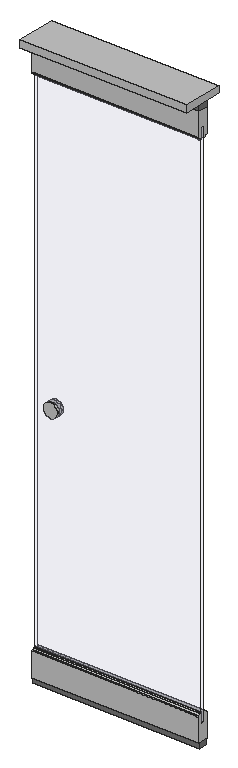
Revit family "Moderco_Vision_121_Flap_Closure_Panel", category Doors, Revit 2026
Family settings
  Classification Number = 23.30.10.00
  Always vertical = Yes
  Cut with Voids When Loaded = No
  Shared = No
  Room Calculation Point = No
Parameters
  Thickness = 0' - 1 3/8"
  Specification = "https://www.arcat.com/company/moderco-inc-34266/spec"
  SpecWizard = ""
  Sales Information = "https://www.moderco.com/contact/"
  Product Data = "https://www.moderco.com/products/movable-glass-walls/vision-100/"
  Manufacturer Website = "https://www.moderco.com/"
  Manufacturer Phone - Toll Free = "800-363-3150"
  Manufacturer Phone = "450-641-3150"
  Manufacturer Fax = "450-641-4965"
  Manufacturer Email = "https://www.moderco.com/contact/"
  Manufacturer Address = "115 de Lauzon Boucherville, QC, Canada J4B 1E7"
  Installation-Fabrication = ""
  Green Building-LEED = ""
  Function = Interior
  Door Width [instance] = 1' - 6"
  Construction Details = "https://www.arcat.com/company/moderco-inc-34266/cad"
Reference planes (in)
  plane 1 "Center (Front/Back": y = 0
  plane 2: z = 0
  plane 3 "Center (Left/Right)": x = 3.24894
  plane 4 "Left": x = -8.75106
  plane 5 "Right": x = 15.24894
  plane 6 "Top": z = 84
  plane 7: z = 40
  plane 8: z = 42
Forms (in)
  Sweep 1, solid, material "Aluminum"
    path origin (0, 0, 0) x (1, 0, 0) y (0, 1, 0)
      loop
        line (-8.75106, 0) -> (15.24894, 0)
    profile "Profile_Bottom : Profile_Bottom" origin (3.24894, 0, 0) x (0, 1, 0) y (0, 0, 1)
      loop
        line (0.68213, 0.73653) -> (0.68213, 4.15446)
        arc (0.68213, 4.15446) -> (0.66735, 4.21344) -> (0.62648, 4.25846) r 0.125
        line (0.62648, 4.25846) -> (0.37079, 4.42897)
        arc (0.37079, 4.42897) -> (0.31065, 4.48542) -> (0.27216, 4.55837) r 0.25
        arc (0.27216, 4.55837) -> (0.26034, 4.59675) -> (0.25013, 4.63558) r 0.96052
        line (0.25013, 4.63558) -> (0.25013, 3.07458) -> (-0.25013, 3.07464) -> (-0.25013, 4.63558)
        arc (-0.25013, 4.63558) -> (-0.26034, 4.59675) -> (-0.27216, 4.55837) r 0.96052
        arc (-0.27216, 4.55837) -> (-0.31065, 4.48542) -> (-0.37079, 4.42897) r 0.25
        line (-0.37079, 4.42897) -> (-0.62648, 4.25846)
        arc (-0.62648, 4.25846) -> (-0.66735, 4.21344) -> (-0.68213, 4.15446) r 0.125
        line (-0.68213, 4.15446) -> (-0.68213, 0.73653) -> (0.68213, 0.73653)
  Sweep 2, solid, material "Aluminum"
    path origin (0, 0, 0) x (1, 0, 0) y (0, 0, 1)
      loop
        line (-8.75106, 84) -> (15.24894, 84)
    profile "Profile_Top : Profile_Top" origin (3.24894, 0, 84) x (0, 0, 1) y (0, -1, 0)
      loop
        line (-1.73711, 0.68213) -> (-5.14175, 0.68213)
        arc (-5.14175, 0.68213) -> (-5.20073, 0.66735) -> (-5.24575, 0.62648) r 0.125
        line (-5.24575, 0.62648) -> (-5.41626, 0.37079)
        arc (-5.41626, 0.37079) -> (-5.47271, 0.31065) -> (-5.54566, 0.27216) r 0.25
        arc (-5.54566, 0.27216) -> (-5.58403, 0.26034) -> (-5.62287, 0.25013) r 0.96052
        line (-5.62287, 0.25013) -> (-4.06187, 0.25013) -> (-4.06187, -0.25013) -> (-5.62287, -0.25013)
        arc (-5.62287, -0.25013) -> (-5.58403, -0.26034) -> (-5.54566, -0.27216) r 0.96052
        arc (-5.54566, -0.27216) -> (-5.47271, -0.31065) -> (-5.41626, -0.37079) r 0.25
        line (-5.41626, -0.37079) -> (-5.24575, -0.62648)
        arc (-5.24575, -0.62648) -> (-5.20073, -0.66735) -> (-5.14175, -0.68213) r 0.125
        line (-5.14175, -0.68213) -> (-1.73728, -0.68213) -> (-1.73711, 0.68213)
  Extrusion 3, solid, material "Glass"
    sketch origin (-8.75106, 0, 0) x (0, -1, 0) y (0, 0, 1)
      loop
        line (-0.25013, 79.93813) -> (-0.25013, 3.07464) -> (0.25013, 3.07464) -> (0.25013, 79.9382) -> (-0.25013, 79.93813)
    from -24 to 0
  Sweep 4, solid, material "Black Rubber"
    path origin (0, 0, 0) x (1, 0, 0) y (0, 1, 0)
      loop
        line (-8.75106, 0) -> (15.24894, 0)
    profile "Profile_Bottom_Brush : Profile_Bottom_Brush" origin (3.24894, 0, 0) x (0, 1, 0) y (0, 0, 1)
      loop
        line (-0.5545, 0) -> (0.5545, 0) -> (0.53026, 0.73653) -> (-0.53026, 0.73653) -> (-0.5545, 0)
  Sweep 5, solid, material "Aluminum"
    path origin (0, 0, 0) x (1, 0, 0) y (0, 0, 1)
      loop
        line (-8.75106, 84) -> (15.24894, 84)
    profile "Profile_Top_Track : Profile_Top_Track" origin (3.24894, 0, 84) x (0, 0, 1) y (0, -1, 0)
      loop
        line (0, -2.8849) -> (0, 2.8849) -> (-0.98683, 2.8849) -> (-0.98755, -2.8849) -> (0, -2.8849)
  Sweep 6, solid, material "Black Rubber"
    path origin (0, 0, 0) x (1, 0, 0) y (0, 0, 1)
      loop
        line (-8.75106, 84) -> (15.24894, 84)
    profile "Profile_Top_Brush : Profile_Top_Brush" origin (3.24894, 0, 84) x (0, 0, 1) y (0, -1, 0)
      loop
        line (-0.98728, 0.68213) -> (-1.73711, 0.68213) -> (-1.73728, -0.68213) -> (-0.98711, -0.68213) -> (-0.98728, 0.68213)
Lines and regions (in)
  symbolic lines, style "DoorsHiddenLines"
    curve 1: line (-8.75106, 0, 84) -> (15.24894, 0, 42)
    curve 2: line (15.24894, 0, 42) -> (-8.75106, 0, 0)
Text (in)
  text "Exterior" at (-65.12119, 31.38743, 0), in view "Ref. Level"
Dimensions and locks (in)
  equal spacing: plane 4 "Left", plane 3 "Center (Left/Right)", plane 5 "Right"  (x2)
  plane 6 "Top" to level = 7' - 0"
  plane 4 "Left" to plane 5 "Right" = 2' - 0"
  equal spacing: plane 6 "Top", plane 8, level
  aligned and locked: level to plane 2
  aligned and locked: Extrusion 3 to Sweep 2
  aligned and locked: plane 4 "Left" to Extrusion 3
  aligned and locked: Extrusion 3 to plane 5 "Right"
  aligned and locked: plane 7 to nested 1
Automatic sketch dimensions
  plane 1 "Center (Front/Back" to Sweep 1 sketch curve = 0' - 0"
  Sweep 1 sketch curve to plane 4 "Left" = 0' - 0"
  Sweep 1 sketch curve to plane 5 "Right" = 0' - 0"
  plane 4 "Left" to Sweep 2 sketch curve = 0' - 0"
  plane 5 "Right" to Sweep 2 sketch curve = 0' - 0"
  Sweep 2 sketch curve to plane 6 "Top" = 0' - 0"
  Extrusion 3 sketch curve to plane 1 "Center (Front/Back" = 0' - 0.25013"
  plane 1 "Center (Front/Back" to Extrusion 3 sketch curve = 0' - 0.25013"
  level to Extrusion 3 sketch curve = 0' - 3.07464"
  plane 6 "Top" to Extrusion 3 sketch curve = 0' - 4.06187"
  Extrusion 3 sketch curve to Extrusion 3 sketch curve = 0' - 0.00006"
  plane 1 "Center (Front/Back" to Sweep 4 sketch curve = 0' - 0"
  Sweep 4 sketch curve to plane 4 "Left" = 0' - 0"
  Sweep 4 sketch curve to plane 5 "Right" = 0' - 0"
  plane 4 "Left" to Sweep 5 sketch curve = 0' - 0"
  plane 5 "Right" to Sweep 5 sketch curve = 0' - 0"
  Sweep 5 sketch curve to plane 6 "Top" = 0' - 0"
  plane 4 "Left" to Sweep 6 sketch curve = 0' - 0"
  plane 5 "Right" to Sweep 6 sketch curve = 0' - 0"
  Sweep 6 sketch curve to plane 6 "Top" = 0' - 0"
  curve 2 to level = 0' - 0"
  plane 4 "Left" to curve 2 = 0' - 0"
  plane 4 "Left" to curve 1 = 0' - 0"
  plane 5 "Right" to curve 2 = 0' - 0"
  curve 1 to plane 8 = 0' - 0"
  curve 1 to plane 6 "Top" = 0' - 0"
Nested families (in)
  nested 1: "Architectural_Pull" at (-6.25106, 0.25013, 40) x (1, 0, 0) z (0, 1, 0), type "Architectural_Pull"
    with Width 3' - 0"
Definition of nested family "Architectural_Pull"
  Parameters (values of type "Architectural_Pull")
    Width [instance] = 3' - 0"
    Default Elevation = 4' - 0"
  Reference planes (in)
    plane 1 "Center (Front/Back)": y = 0
    plane 2: z = 0
    plane 3 "Center (Left/Right)": x = 0
    plane 4: z = 4
    plane 5: z = -0.5
    plane 6: z = -0.75
  Forms (in)
    Extrusion 1, solid
      sketch origin (0, 4, 0) x (1, 0, 0) y (0, 1, 0)
        loop
          circle (0, 0) r 1
      from 0 to 0.25
    Extrusion 2, solid
      sketch origin (0, 4, 0) x (1, 0, 0) y (0, 1, 0)
        loop
          circle (0, 0) r 1
      from -0.75 to -0.5
  Dimensions and locks (in)
    aligned and locked: plane 2 to level
